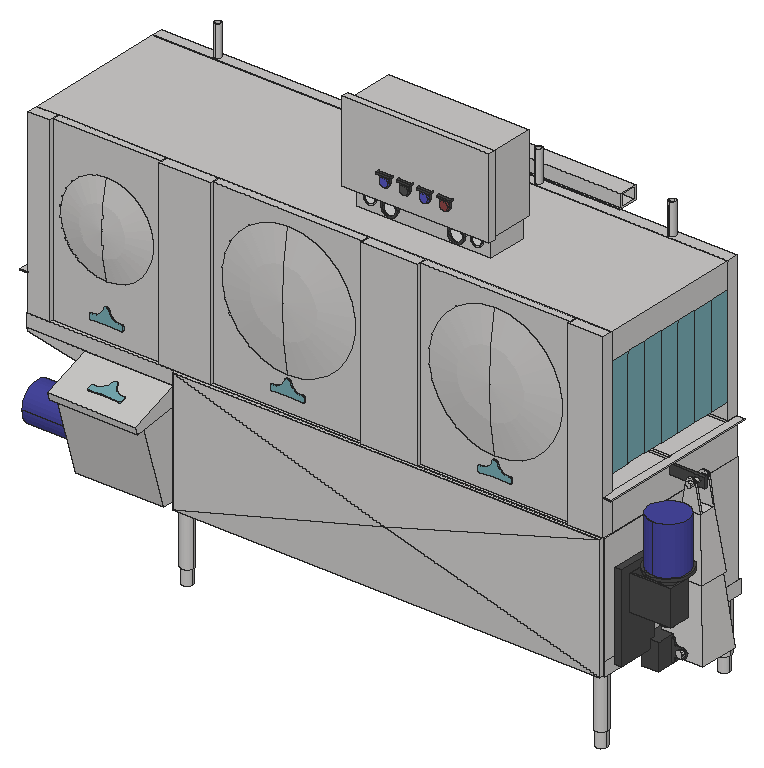
Revit family
Parameters (values of type "208/60/3")
  Width = 7' - 2"  # constant formula
  Weight in Pounds = 1700
  Watts = 25000 W
  Watermarked By = "http://revitwatermark.com"
  Waste Water Discharge Temperature [instance] = -459.67 °F
  Volts = 208 V
  Ventilation Remarks [instance] = ""
  URL Cutsheet = ""
  URL = "www.stero.com"
  Total Height = 5' - 10 1/2"
  Table Height = 2' - 10"
  Swing Doors [instance] = no
  Status [instance] = ""
  Standard Doors [instance] = not(Swing Doors)  # yes
  Specification by User [instance] = ""
  Specification by Manufacturer = ""
  Serial Number [instance] = ""
  Seismic Rating [instance] = ""
  SMACNA No [instance] = ""
  Right Ventilation Remarks [instance] = ""
  Right Vent [instance] = no
  Right Exhaust Volume [instance] = if(Right Vent, 400 CFM, 0 CFM)  # 0 CFM
  Right Exhaust Vent Width = 0' - 3 7/8"
  Right Exhaust Vent Text = "Vent, Unload End"
  Right Exhaust Vent Depth = 2' - 0 7/8"
  Right Exhaust Static Press = 0.00 in-wg
  Right Exhaust RI Height [instance] = 0' - 0"
  Right Exhaust Item Number [instance] = "-"
  Right Drain [instance] = no
  Revision Code [instance] = ""
  Plumbing Remarks [instance] = ""
  Plumbing Connection Type [instance] = ""
  Phase = 3
  Number of Poles [instance] = 1
  NAFEM Spec ID Number [instance] = ""
  Model = "ER-86S"
  Masterspec = ""
  Manufacturer = "Stero"
  Machine Height = 4' - 7 1/2"
  Left Vent [instance] = no
  Left Drain [instance] = not(Right Drain)  # yes
  Item Number [instance] = "-"
  Installed By [instance] = ""
  Indirect Waste Size = 2"
  Indirect Waste Flow [instance] = 0.00 GPM
  Indirect Waste Connection Type [instance] = ""
  Indirect Waste Connection Height = 0' - 6"
  Hot Water Usage Rack = "- Gal/Rack"
  Hot Water Usage = "120.6 GPH"
  Hot Water Temperature = 180 °F
  Hot Water Size = 3/4"
  Hot Water RI Height [instance] = 0' - 0"
  Hot Water Minimum Pressure = 20.00 psi
  Hot Water Maximum Pressure = 20.00 psi
  Hot Water Flow = 2.01 GPM
  Hot Water Consumption = 2.01 GPM
  Hot Water Connection Height = 5' - 0"
  HP = "5.25"
  Furnished By [instance] = ""
  Foodservice Equipment Identifier [instance] = yes
  FL Amps = 87.4 A
  Exhaust Volume [instance] = if(Left Vent, 200 CFM, 0 CFM)  # 0 CFM
  Exhaust Vent Width = 0' - 3 7/8"
  Exhaust Vent Text = "Vent, Load End"
  Exhaust Vent Depth = 2' - 0 7/8"
  Exhaust Static Press = 0.00 in-wg
  Exhaust RI Height [instance] = 0' - 0"
  Electrical Remarks [instance] = ""
  Electric Connection Type [instance] = ""
  Elec Conn RI Height [instance] = 0' - 0"
  Elec Conn Connection Height = 5' - 8 1/2"
  Description = "Dishwasher, Conveyor"
  Depth = 2' - 1"
  Cycle = 60 Hz
  Conn Conduit = yes
  Cold Water Temperature Recommended [instance] = -459.67 °F
  Cold Water Size = 3/4"
  Cold Water RI Height [instance] = 0' - 0"
  Cold Water Minimum Pressure [instance] = 0.00 psi
  Cold Water Maximum Pressure [instance] = 0.00 psi
  Cold Water Flow [instance] = 0.00 GPM
  Cold Water Consumption [instance] = ""
  Cold Water Connection Height = 5' - 0"
  CSI MasterFormat = "11 48 13"
  Building Plumbing Remarks [instance] = ""
  Building Hot Water Temperature = 140 °F
  Building Hot Water Size = 3/4"
  Building Hot Water RI Height [instance] = 0' - 0"
  Building Hot Water Minimum Pressure [instance] = 20.00 psi
  Building Hot Water Maximum Pressure [instance] = 20.00 psi
  Building Hot Water Flow [instance] = 0.00 GPM
  Building Hot Water Consumption [instance] = 2.00 GPM
  Building Hot Water Connection Height = 5' - 0"
  Building HW Item Number [instance] = "-"
  Assembly Code = "E1090320"
  Apparent Power = if(Phase = 3, Volts * FL Amps * 1.73, Volts * FL Amps)  # 31450 VA
  24 Door Opening [instance] = if(Swing Doors, 2' 0", 1' 10 1/2")  # 1' - 10 1/2"
  18 Door Opening [instance] = if(Swing Doors, 1' 6", 1' 4 1/4")  # 1' - 4 1/4"
Reference planes (in)
  plane 1: z = 0
  plane 2 "Left of Main Body": x = 2.32772
  plane 3 "BACK": y = -48
  plane 4 "TOP": z = 70.5
  plane 5 "RIGHT": x = 66.32772
  plane 6 "FRONT": y = -73
  plane 7 "Right of Top": x = 66.07772
  plane 8 "Right of Ledge": x = 67.57772
  plane 9 "Right End Cowl": x = 76.32772
  plane 10: x = 69.39022
  plane 11 "Bottom of Machine": z = 10
  plane 12 "Table Height": z = 34
  plane 13 "Top of Machine": z = 55.5
  plane 14 "Panel Top": z = 28.5
  plane 15: z = 12
  plane 16: y = -73.5
  plane 17: y = -47.5
  plane 18: x = 2.07772
  plane 19: x = 66.57772
  plane 20: y = -49.625
  plane 21: y = -71.375
  plane 22 "Door Center": x = 34.32772
  plane 23: x = 7.57772
  plane 24: x = 30.07772
  plane 25 "Top of Opening": z = 51.5
  plane 26: z = 2.25
  plane 27: x = 24.32772
  plane 28: x = 44.32772
  plane 29: x = 23.32772
  plane 30: x = 45.32772
  plane 31 "Front of Lower Panel": y = -66.5
  plane 32: y = -60.5
  plane 33: y = -67
  plane 34 "Back of Panel": y = -60
  plane 35 "Front of Upper Panel": y = -68
  plane 36: x = 23.82772
  plane 37: x = 44.82772
  plane 38: x = 76.20272
  plane 39: x = 73.26522
  plane 40: y = -48.0625
  plane 41: y = -72.9375
  plane 42 "Top of Vents": z = 59.5
  plane 43: x = 19.82772
  plane 44: x = 48.82772
  plane 45: y = -45
  plane 46: z = 57.5
  plane 47: y = -43
  plane 48: z = 84.5
  plane 49: x = 38.57772
  plane 50: x = 61.07772
  plane 51: x = -29.67228
  plane 52: x = -22.73478
  plane 53: x = -29.54728
  plane 54: x = -26.60978
  plane 55 "LEFT": x = -19.67228
  plane 56: x = -19.42228
  plane 57: x = -20.92228
  plane 58: x = -19.92228
  plane 59: x = -0.20185
  plane 60: x = -16.45185
  plane 61: x = -16.20185
  plane 62: x = -0.32685
  plane 63: x = -1.63935
  plane 64: x = 7.82772
  plane 65: x = 29.95272
  plane 66: x = 28.64022
  plane 67: x = 38.70272
  plane 68: x = 40.01522
  plane 69: x = 60.82772
Forms (in)
  Extrusion 1, solid, material "QF_Finishes_Stainless Steel"
    sketch origin (0, 0, 10) x (0, 1, 0) y (-1, 0, 0)
      loop
        line (-47.5, -2.07772) -> (-73, -2.07772) -> (-73, -66.57772) -> (-47.5, -66.57772) -> (-47.5, -2.07772)
    from 0 to 2
  Extrusion 2, solid, material "QF_Finishes_Stainless Steel"
    sketch origin (0, 0, 28.5) x (0, 1, 0) y (-1, 0, 0)
      loop
        line (-48, -2.32772) -> (-73, -2.32772) -> (-73, -66.57772) -> (-48, -66.57772) -> (-48, -2.32772)
    from 0 to -16.5
  Extrusion 3, solid, material "QF_Finishes_Stainless Steel"
    sketch origin (-22, 0, 34) x (0, 1, 0) y (-1, 0, 0)
      loop
        line (-48, -2.32772) -> (-48, -1.07772) -> (-73, -1.07772) -> (-73, -2.32772) -> (-48, -2.32772)
    from 0 to -0.125
  Extrusion 4, solid, material "QF_Finishes_Stainless Steel"
    sketch origin (0, 0, 34) x (0, 1, 0) y (-1, 0, 0)
      loop
        line (-48, -66.32772) -> (-73, -66.32772) -> (-73, -67.57772) -> (-48, -67.57772) -> (-48, -66.32772)
    from 0 to -0.125
  Extrusion 5, solid, material "QF_Finishes_Stainless Steel"
    sketch origin (0, 0, 34) x (0, 1, 0) y (-1, 0, 0)
      loop
        line (-48, 19.67228) -> (-71.375, 19.67228) -> (-71.375, -66.32772) -> (-48, -66.32772) -> (-48, 19.67228)
    from -0.25 to -5.5
  Extrusion 6, solid, material "QF_Finishes_Stainless Steel"
    sketch origin (0, 0, 34) x (0, 1, 0) y (-1, 0, 0)
      loop
        line (-60.25, 19.67228) -> (-60.75, 19.67228) -> (-60.75, -66.32772) -> (-60.25, -66.32772) -> (-60.25, 19.67228)
      loop
        line (-48, 19.67228) -> (-49.625, 19.67228) -> (-49.625, -66.32772) -> (-48, -66.32772) -> (-48, 19.67228)
    from 0 to -0.25
  Extrusion 7, solid, material "QF_Finishes_Stainless Steel"
    sketch origin (0, 0, 55.5) x (0, 1, 0) y (-1, 0, 0)
      loop
        line (-49.625, 19.67228) -> (-71.375, 19.67228) -> (-71.375, -66.32772) -> (-49.625, -66.32772) -> (-49.625, 19.67228)
    from 0 to -4
  Extrusion 8, solid, material "QF_Finishes_Stainless Steel"
    sketch origin (0, 0, 55.5) x (0, 1, 0) y (-1, 0, 0)
      loop
        line (-48, 19.67228) -> (-49.625, 19.67228) -> (-49.625, -66.32772) -> (-48, -66.32772) -> (-48, 19.67228)
    from 0 to -21.5
  Extrusion 9, solid, material "QF_Finishes_Stainless Steel"
    sketch origin (0, -73, 0) x (-1, 0, 0) y (0, 0, 1)
      loop
        line (0.20185, 55.5) -> (-7.57772, 55.5) -> (-7.57772, 28.5) -> (0.20185, 28.5) -> (0.20185, 55.5)
    from 0 to 1.625
  Blend 10, solid, material "QF_Finishes_Stainless Steel"
    base sketch origin (-15.01335, -74, 48) x (-1, 0, 0) y (0, 0, 1)
      loop
        line (-17.34107, -19.5) -> (-81.34107, -19.5) -> (-81.34107, -38) -> (-17.34107, -38) -> (-17.34107, -19.5)
    top sketch origin (-15.01335, -74, 48) x (-1, 0, 0) y (0, 0, 1)
      loop
        line (-49.37232, -28.71875) -> (-49.37232, -28.78125) -> (-49.30982, -28.78125) -> (-49.30982, -28.71875) -> (-49.37232, -28.71875)
    from 0.5 to 0
  Extrusion 11, solid, material "QF_Finishes_Stainless Steel"
    sketch origin (0, 0, 10) x (0, 1, 0) y (-1, 0, 0)
      loop
        line (-73, -2.32772) -> (-73.5, -2.32772) -> (-73.5, -66.32772) -> (-73, -66.32772) -> (-73, -2.32772)
    from 0 to 18.5
  Extrusion 12, solid, material "QF_Finishes_Stainless Steel"
    sketch origin (0, -73, 0) x (-1, 0, 0) y (0, 0, 1)
      loop
        line (-61.07772, 55.5) -> (-66.32772, 55.5) -> (-66.32772, 28.5) -> (-61.07772, 28.5) -> (-61.07772, 55.5)
    from 0 to 1.625
  Extrusion 13, solid, material "QF_Finishes_Stainless Steel", visible <- "Standard Doors"
    sketch origin (-15.5, 0, 55.5) x (0, 1, 0) y (-1, 0, 0)
      loop
        line (-71.375, -23.07772) -> (-72.5, -23.07772) -> (-72.5, -45.57772) -> (-71.375, -45.57772) -> (-71.375, -23.07772)
    from 0 to -27
  Extrusion 14, solid, material "QF_Finishes_Stainless Steel"
    sketch origin (0, 0, 0) x (1, 0, 0) y (0, 1, 0)
      loop
        circle (3.32772, -49) r 0.8125
    from 0 to 2.25
  Extrusion 15, solid, material "QF_Finishes_Stainless Steel"
    sketch origin (0, 0, 0) x (1, 0, 0) y (0, 1, 0)
      loop
        circle (3.32772, -49) r 0.9375
    from 2.25 to 10
  Extrusion 16, solid, material "QF_Finishes_Stainless Steel"
    sketch origin (48.65544, 0, 0) x (-1, 0, 0) y (0, -1, 0)
      loop
        circle (-16.67228, 49) r 0.8125
    from 0 to 2.25
  Extrusion 17, solid, material "QF_Finishes_Stainless Steel"
    sketch origin (48.65544, 0, 0) x (-1, 0, 0) y (0, -1, 0)
      loop
        circle (-16.67228, 49) r 0.9375
    from 2.25 to 10
  Extrusion 18, solid, material "QF_Finishes_Stainless Steel"
    sketch origin (0, -121, 0) x (1, 0, 0) y (0, 1, 0)
      loop
        circle (3.32772, 49) r 0.8125
    from 0 to 2.25
  Extrusion 19, solid, material "QF_Finishes_Stainless Steel"
    sketch origin (0, -121, 0) x (1, 0, 0) y (0, 1, 0)
      loop
        circle (3.32772, 49) r 0.9375
    from 2.25 to 10
  Extrusion 20, solid, material "QF_Finishes_Stainless Steel"
    sketch origin (48.65544, -121, 0) x (-1, 0, 0) y (0, -1, 0)
      loop
        circle (-16.67228, -49) r 0.8125
    from 0 to 2.25
  Extrusion 21, solid, material "QF_Finishes_Stainless Steel"
    sketch origin (48.65544, -121, 0) x (-1, 0, 0) y (0, -1, 0)
      loop
        circle (-16.67228, -49) r 0.9375
    from 2.25 to 10
  Extrusion 22, solid, material "QF_Finishes_Light Blue"
    sketch origin (0, 0, 51.5) x (0, 1, 0) y (-1, 0, 0)
      loop
        line (-49.625, -66.32772) -> (-49.625, -66.20272) -> (-52.625, -66.20272) -> (-52.625, -66.32772) -> (-49.625, -66.32772)
      loop
        line (-52.75, -66.32772) -> (-52.75, -66.20272) -> (-55.75, -66.20272) -> (-55.75, -66.32772) -> (-52.75, -66.32772)
      loop
        line (-55.875, -66.32772) -> (-55.875, -66.20272) -> (-58.875, -66.20272) -> (-58.875, -66.32772) -> (-55.875, -66.32772)
      loop
        line (-59, -66.32772) -> (-59, -66.20272) -> (-62, -66.20272) -> (-62, -66.32772) -> (-59, -66.32772)
      loop
        line (-62.125, -66.32772) -> (-62.125, -66.20272) -> (-65.125, -66.20272) -> (-65.125, -66.32772) -> (-62.125, -66.32772)
      loop
        line (-65.25, -66.32772) -> (-65.25, -66.20272) -> (-68.25, -66.20272) -> (-68.25, -66.32772) -> (-65.25, -66.32772)
      loop
        line (-68.375, -66.32772) -> (-68.375, -66.20272) -> (-71.375, -66.20272) -> (-71.375, -66.32772) -> (-68.375, -66.32772)
    from 0 to -15
  Extrusion 23, solid, material "QF_Finishes_Light Blue"
    sketch origin (26.65544, 0, 51.5) x (0, 1, 0) y (-1, 0, 0)
      loop
        line (-49.625, 46.32772) -> (-52.625, 46.32772) -> (-52.625, 46.20272) -> (-49.625, 46.20272) -> (-49.625, 46.32772)
      loop
        line (-52.75, 46.32772) -> (-55.75, 46.32772) -> (-55.75, 46.20272) -> (-52.75, 46.20272) -> (-52.75, 46.32772)
      loop
        line (-55.875, 46.32772) -> (-58.875, 46.32772) -> (-58.875, 46.20272) -> (-55.875, 46.20272) -> (-55.875, 46.32772)
      loop
        line (-59, 46.32772) -> (-62, 46.32772) -> (-62, 46.20272) -> (-59, 46.20272) -> (-59, 46.32772)
      loop
        line (-62.125, 46.32772) -> (-65.125, 46.32772) -> (-65.125, 46.20272) -> (-62.125, 46.20272) -> (-62.125, 46.32772)
      loop
        line (-65.25, 46.32772) -> (-68.25, 46.32772) -> (-68.25, 46.20272) -> (-65.25, 46.20272) -> (-65.25, 46.32772)
      loop
        line (-68.375, 46.32772) -> (-71.375, 46.32772) -> (-71.375, 46.20272) -> (-68.375, 46.20272) -> (-68.375, 46.32772)
    from 0 to -15
  Extrusion 24, solid, material "QF_Finishes_Stainless Steel"
    sketch origin (0, 0, 55.5) x (0, 1, 0) y (-1, 0, 0)
      loop
        line (-60.5, -24.32772) -> (-66.5, -24.32772) -> (-66.5, -44.32772) -> (-60.5, -44.32772) -> (-60.5, -24.32772)
    from 0 to 3.5
  Extrusion 25, solid, material "QF_Finishes_Stainless Steel"
    sketch origin (0, 0, 55.5) x (0, 1, 0) y (-1, 0, 0)
      loop
        line (-60, -23.82772) -> (-67, -23.82772) -> (-67, -44.82772) -> (-60, -44.82772) -> (-60, -23.82772)
    from 3 to 14.5
  Extrusion 26, solid, material "QF_Finishes_Stainless Steel"
    sketch origin (0, 0, 55.5) x (0, 1, 0) y (-1, 0, 0)
      loop
        line (-67, -23.32772) -> (-68, -23.32772) -> (-68, -45.32772) -> (-67, -45.32772) -> (-67, -23.32772)
    from 3 to 15
  Extrusion 27, solid, material "QF_Finishes_Black"
    sketch origin (0, -66.5, 0) x (-1, 0, 0) y (0, 0, 1)
      loop
        circle (-29.32772, 57) r 1.25
      loop
        circle (-29.32772, 57) r 1
    from 0 to -0.25
  Extrusion 28, solid, material "QF_Finishes_Stainless Steel"
    sketch origin (0, -66.5, 0) x (-1, 0, 0) y (0, 0, 1)
      loop
        circle (-26.32772, 57.25) r 0.75
      loop
        circle (-26.32772, 57.25) r 0.875
    from 0 to -0.125
  Extrusion 29, solid, material "QF_Finishes_White"
    sketch origin (0, -66.5, 0) x (-1, 0, 0) y (0, 0, 1)
      loop
        circle (-26.32772, 57.25) r 0.75
    from 0 to -0.0625
  Extrusion 30, solid, material "QF_Finishes_White"
    sketch origin (0, -66.5, 0) x (-1, 0, 0) y (0, 0, 1)
      loop
        circle (-29.32772, 57) r 1
    from 0 to -0.0625
  Extrusion 31, solid, material "QF_Finishes_Black"
    sketch origin (48.65544, -66.5, 0) x (1, 0, 0) y (0, 0, -1)
      loop
        circle (-9.32772, -57) r 1.25
      loop
        circle (-9.32772, -57) r 1
    from 0 to -0.25
  Extrusion 32, solid, material "QF_Finishes_Stainless Steel"
    sketch origin (48.65544, -66.5, 0) x (1, 0, 0) y (0, 0, -1)
      loop
        circle (-6.32772, -57.25) r 0.75
      loop
        circle (-6.32772, -57.25) r 0.875
    from 0 to -0.125
  Extrusion 33, solid, material "QF_Finishes_White"
    sketch origin (48.65544, -66.5, 0) x (1, 0, 0) y (0, 0, -1)
      loop
        circle (-6.32772, -57.25) r 0.75
    from 0 to -0.0625
  Extrusion 34, solid, material "QF_Finishes_White"
    sketch origin (48.65544, -66.5, 0) x (1, 0, 0) y (0, 0, -1)
      loop
        circle (-9.32772, -57) r 1
    from 0 to -0.0625
  Extrusion 35, solid, material "QF_Finishes_Black"
    sketch origin (0, -68, 0) x (-1, 0, 0) y (0, 0, 1)
      loop
        line (-33.82772, 62.5) -> (-33.82772, 62.25) -> (-31.82772, 62.25) -> (-31.82772, 62.5) -> (-33.82772, 62.5)
      loop
        line (-30.82772, 62.5) -> (-30.82772, 62.25) -> (-28.82772, 62.25) -> (-28.82772, 62.5) -> (-30.82772, 62.5)
      loop
        line (-34.82772, 62.5) -> (-36.82772, 62.5) -> (-36.82772, 62.25) -> (-34.82772, 62.25) -> (-34.82772, 62.5)
      loop
        line (-37.82772, 62.5) -> (-39.82772, 62.5) -> (-39.82772, 62.25) -> (-37.82772, 62.25) -> (-37.82772, 62.5)
    from 0 to -0.5
  Extrusion 36, solid, material "QF_Finishes_Navy Blue"
    sketch origin (0, -68, 0) x (-1, 0, 0) y (0, 0, 1)
      loop
        circle (-29.82772, 61.375) r 0.625
    from -0.125 to -0.375
  Extrusion 37, solid, material "QF_Finishes_LED Green"
    sketch origin (3, -68, 0) x (-1, 0, 0) y (0, 0, 1)
      loop
        circle (-29.82772, 61.375) r 0.625
    from -0.125 to -0.375
  Extrusion 38, solid, material "QF_Finishes_Navy Blue"
    sketch origin (6, -68, 0) x (-1, 0, 0) y (0, 0, 1)
      loop
        circle (-29.82772, 61.375) r 0.625
    from -0.125 to -0.375
  Extrusion 39, solid, material "QF_Finishes_LED Red"
    sketch origin (9, -68, 0) x (-1, 0, 0) y (0, 0, 1)
      loop
        circle (-29.82772, 61.375) r 0.625
    from -0.125 to -0.375
  Extrusion 40, solid, material "QF_Finishes_Black"
    sketch origin (0, -68, 0) x (-1, 0, 0) y (0, 0, 1)
      loop
        arc (-30.57772, 61.375) -> (-29.82772, 60.625) -> (-29.07772, 61.375) r 0.75
        line (-29.07772, 61.375) -> (-29.07772, 62.25) -> (-30.57772, 62.25) -> (-30.57772, 61.375)
      loop
        arc (-33.57772, 61.375) -> (-32.82772, 60.625) -> (-32.07772, 61.375) r 0.75
        line (-32.07772, 61.375) -> (-32.07772, 62.25) -> (-33.57772, 62.25) -> (-33.57772, 61.375)
      loop
        arc (-36.57772, 61.375) -> (-35.82772, 60.625) -> (-35.07772, 61.375) r 0.75
        line (-35.07772, 61.375) -> (-35.07772, 62.25) -> (-36.57772, 62.25) -> (-36.57772, 61.375)
      loop
        arc (-39.57772, 61.375) -> (-38.82772, 60.625) -> (-38.07772, 61.375) r 0.75
        line (-38.07772, 61.375) -> (-38.07772, 62.25) -> (-39.57772, 62.25) -> (-39.57772, 61.375)
    from 0 to -0.125
  Extrusion 41, solid, material "QF_Finishes_Light Blue", visible <- "Standard Doors"
    sketch origin (-15.5, -73, 0) x (-1, 0, 0) y (0, 0, 1)
      loop
        line (-33.71645, 30.65632) -> (-32.08461, 30.57309)
        arc (-32.08461, 30.57309) -> (-31.90443, 30.64773) -> (-31.82979, 30.82792) r 0.25483
        line (-31.82979, 30.82792) -> (-31.82979, 31.31285)
        arc (-31.82979, 31.31285) -> (-31.90343, 31.49062) -> (-32.08121, 31.56426) r 0.25142
        arc (-32.08121, 31.56426) -> (-33.22593, 31.7803) -> (-33.90311, 32.72819) r 1.56264
        arc (-33.90311, 32.72819) -> (-34.31726, 33.06213) -> (-34.74741, 32.74907) r 0.43733
        arc (-34.74741, 32.74907) -> (-35.42049, 31.78611) -> (-36.57423, 31.56426) r 1.56264
        arc (-36.57423, 31.56426) -> (-36.75201, 31.49062) -> (-36.82565, 31.31285) r 0.25142
        line (-36.82565, 31.31285) -> (-36.82565, 30.82792)
        arc (-36.82565, 30.82792) -> (-36.75101, 30.64773) -> (-36.57082, 30.57309) r 0.25483
        line (-36.57082, 30.57309) -> (-34.93898, 30.65632)
        arc (-34.93898, 30.65632) -> (-34.32772, 30.6719) -> (-33.71645, 30.65632) r 12
    from 0.5 to 0.4375
  Extrusion 42, solid, material "QF_Finishes_Stainless Steel", visible <- "Right Vent"
    sketch origin (66.07772, 0, 0) x (0, -1, 0) y (0, 0, 1)
      loop
        line (73, 55.5) -> (48, 55.5) -> (48, 50.5625) -> (49.625, 48.9375) -> (49.625, 49.11428) -> (48.125, 50.61428) -> (48.125, 55.375) -> (72.875, 55.375) -> (72.875, 39.17678) -> (71.375, 37.67678) -> (71.375, 37.5) -> (73, 39.125) -> (73, 55.5)
    from -0.25 to -10.125
  Extrusion 43, solid, material "QF_Finishes_Stainless Steel", visible <- "Right Vent"
    sketch origin (76.32772, 0, 0) x (0, 1, 0) y (0, 0, 1)
      loop
        line (-71.375, 37.5) -> (-71.375, 51.5) -> (-49.625, 51.5) -> (-49.625, 48.9375) -> (-48, 50.5625) -> (-48, 55.5) -> (-73, 55.5) -> (-73, 39.125) -> (-71.375, 37.5)
    from 0 to -0.125
  Extrusion 44, solid, material "QF_Finishes_Stainless Steel", visible <- "Right Vent"
    sketch origin (48.65544, 0, 55.5) x (0, 1, 0) y (-1, 0, 0)
      loop
        line (-48.0625, -24.60978) -> (-48.0625, -20.73478) -> (-72.9375, -20.73478) -> (-72.9375, -24.60978) -> (-48.0625, -24.60978)
      loop
        line (-48.1875, -24.48478) -> (-48.1875, -20.85978) -> (-72.8125, -20.85978) -> (-72.8125, -24.48478) -> (-48.1875, -24.48478)
    from 0 to 4
  Extrusion 45, void
    sketch origin (0, 0, 55.5) x (0, 1, 0) y (-1, 0, 0)
      loop
        line (-48.1875, -69.51522) -> (-72.8125, -69.51522) -> (-72.8125, -73.14022) -> (-48.1875, -73.14022) -> (-48.1875, -69.51522)
    from 0 to -0.125
  Extrusion 46, solid, material "QF_Finishes_Black"
    sketch origin (0, -73, 0) x (-1, 0, 0) y (0, 0, 1)
      loop
        line (-66.57772, 12) -> (-66.32772, 12) -> (-66.32772, 23.9375) -> (-67.70272, 23.9375) -> (-67.70272, 10.9375) -> (-66.57772, 10.9375) -> (-66.57772, 12)
    from 1.8125 to 7.8125
  Extrusion 47, solid, material "QF_Finishes_Black"
    sketch origin (0, 0, 10) x (0, 1, 0) y (-1, 0, 0)
      loop
        circle (-68.1875, -72.32772) r 1.0625
    from 7.1875 to 7.6875
  Extrusion 48, solid, material "QF_Finishes_Black"
    sketch origin (0, 0, 10) x (0, 1, 0) y (-1, 0, 0)
      loop
        circle (-68.1875, -72.32772) r 1.3125
    from 12.9375 to 13.4375
  Blend 49, solid, material "QF_Finishes_Black"
    base sketch origin (0, 0, 10) x (0, 1, 0) y (-1, 0, 0)
      loop
        circle (-68.1875, -72.32772) r 1.3125
    top sketch origin (0, 0, 10) x (0, 1, 0) y (-1, 0, 0)
      loop
        circle (-68.1875, -72.32772) r 2.0625
    from 13.4375 to 14.4375
  Extrusion 50, solid, material "QF_Finishes_Black"
    sketch origin (0, 0, 10) x (0, 1, 0) y (-1, 0, 0)
      loop
        circle (-68.1875, -72.32772) r 3.25
    from 14.4375 to 14.8125
  Extrusion 51, solid, material "QF_Finishes_Blue"
    sketch origin (0, 0, 10) x (0, 1, 0) y (-1, 0, 0)
      loop
        circle (-68.1875, -72.32772) r 2.875
    from 14.8125 to 21.9375
  Extrusion 52, solid, material "QF_Finishes_Black"
    sketch origin (0, -73, 0) x (-1, 0, 0) y (0, 0, 1)
      loop
        line (-66.32772, 33.1875) -> (-71.82772, 33.1875) -> (-71.82772, 31.6875) -> (-66.32772, 31.6875) -> (-66.32772, 33.1875)
      loop
        circle (-70.57772, 32.4375) r 0.375
    from 12.3125 to 12.6875
  Extrusion 53, solid, material "QF_Finishes_Black"
    sketch origin (0, -73, 0) x (-1, 0, 0) y (0, 0, 1)
      loop
        line (-66.32772, 12) -> (-66.32772, 12.4375) -> (-69.07772, 12.4375) -> (-69.07772, 8.4375) -> (-66.57772, 8.4375) -> (-66.57772, 12) -> (-66.32772, 12)
    from 7 to 18
  Extrusion 54, solid, material "QF_Finishes_Black"
    sketch origin (0, -73, 0) x (-1, 0, 0) y (0, 0, 1)
      loop
        line (-69.07772, 12.125) -> (-69.32772, 12.125)
        arc (-69.32772, 12.125) -> (-69.5045, 12.05178) -> (-69.57772, 11.875) r 0.25
        line (-69.57772, 11.875) -> (-69.57772, 11.5625)
        arc (-69.57772, 11.5625) -> (-69.68755, 11.29733) -> (-69.95272, 11.1875) r 0.375
        line (-69.95272, 11.1875) -> (-70.57772, 11.1875)
        arc (-70.57772, 11.1875) -> (-71.32772, 10.4375) -> (-70.57772, 9.6875) r 0.75
        line (-70.57772, 9.6875) -> (-69.95272, 9.6875)
        arc (-69.95272, 9.6875) -> (-69.68755, 9.57767) -> (-69.57772, 9.3125) r 0.375
        line (-69.57772, 9.3125) -> (-69.57772, 9)
        arc (-69.57772, 9) -> (-69.5045, 8.82322) -> (-69.32772, 8.75) r 0.25
        line (-69.32772, 8.75) -> (-69.07772, 8.75) -> (-69.07772, 12.125)
      loop
        circle (-70.57772, 10.4375) r 0.5
    from 9.375 to 9.5
  Extrusion 55, solid, material "QF_Finishes_Black"
    sketch origin (0, -66.875, 0) x (-1, 0, 0) y (0, 0, 1)
      loop
        line (-69.07772, 12.125) -> (-69.32772, 12.125)
        arc (-69.32772, 12.125) -> (-69.5045, 12.05178) -> (-69.57772, 11.875) r 0.25
        line (-69.57772, 11.875) -> (-69.57772, 11.5625)
        arc (-69.57772, 11.5625) -> (-69.68755, 11.29733) -> (-69.95272, 11.1875) r 0.375
        line (-69.95272, 11.1875) -> (-70.57772, 11.1875)
        arc (-70.57772, 11.1875) -> (-71.32772, 10.4375) -> (-70.57772, 9.6875) r 0.75
        line (-70.57772, 9.6875) -> (-69.95272, 9.6875)
        arc (-69.95272, 9.6875) -> (-69.68755, 9.57767) -> (-69.57772, 9.3125) r 0.375
        line (-69.57772, 9.3125) -> (-69.57772, 9)
        arc (-69.57772, 9) -> (-69.5045, 8.82322) -> (-69.32772, 8.75) r 0.25
        line (-69.32772, 8.75) -> (-69.07772, 8.75) -> (-69.07772, 12.125)
      loop
        circle (-70.57772, 10.4375) r 0.5
    from 9.375 to 9.5
  Extrusion 56, solid, material "QF_Finishes_Stainless Steel"
    sketch origin (0, -73, 0) x (-1, 0, 0) y (0, 0, 1)
      loop
        circle (-70.57772, 32.4375) r 0.375
      loop
        line (-71.31584, 32.57045) -> (-72.01522, 28.6875) -> (-69.14022, 28.6875) -> (-69.8396, 32.57045)
        arc (-69.8396, 32.57045) -> (-70.57772, 33.1875) -> (-71.31584, 32.57045) r 0.75
    from 11.25 to 11.375
  Extrusion 57, solid, material "QF_Finishes_Stainless Steel"
    sketch origin (0, -48, 0) x (-1, 0, 0) y (0, 0, -1)
      loop
        circle (-70.57772, -32.4375) r 0.375
      loop
        arc (-71.31584, -32.57045) -> (-70.57772, -33.1875) -> (-69.8396, -32.57045) r 0.75
        line (-69.8396, -32.57045) -> (-69.14022, -28.6875) -> (-72.01522, -28.6875) -> (-71.31584, -32.57045)
    from 11.25 to 11.375
  Extrusion 58, solid, material "QF_Finishes_Stainless Steel"
    sketch origin (0, -73, 0) x (-1, 0, 0) y (0, 0, 1)
      loop
        circle (-70.57772, 32.4375) r 0.375
    from 10.75 to 14.25
  Blend 59, solid, material "QF_Finishes_Stainless Steel"
    base sketch origin (0, 0, 34) x (0, 1, 0) y (-1, 0, 0)
      loop
        line (-58.25, -67.89022) -> (-62.75, -67.89022) -> (-62.75, -73.01522) -> (-58.25, -73.01522) -> (-58.25, -67.89022)
    top sketch origin (0, 0, 34) x (0, 1, 0) y (-1, 0, 0)
      loop
        line (-59.25, -69.14022) -> (-61.75, -69.14022) -> (-61.75, -72.01522) -> (-59.25, -72.01522) -> (-59.25, -69.14022)
    from -14.0625 to -5.3125
  Blend 60, solid, material "QF_Finishes_Stainless Steel"
    base sketch origin (0, 0, 25.25) x (0, 1, 0) y (-1, 0, 0)
      loop
        line (-57.5, -67.14022) -> (-63.5, -67.14022) -> (-63.5, -73.76522) -> (-57.5, -73.76522) -> (-57.5, -67.14022)
    top sketch origin (0, 0, 25.25) x (0, 1, 0) y (-1, 0, 0)
      loop
        line (-58.5, -68.14022) -> (-62.5, -68.14022) -> (-62.5, -72.76522) -> (-58.5, -72.76522) -> (-58.5, -68.14022)
    from -15.5625 to -5.3125
  Extrusion 61, solid, material "QF_Finishes_Stainless Steel"
    sketch origin (0, -73, -22) x (-1, 0, 0) y (0, 0, 1)
      loop
        circle (-70.57772, 32.4375) r 0.5
    from 9 to 16
  Extrusion 62, solid, material "QF_Finishes_Stainless Steel"
    sketch origin (0, 0, 55.5) x (0, 1, 0) y (-1, 0, 0)
      loop
        circle (-48.75, -57.32772) r 0.375
      loop
        circle (-48.75, -57.32772) r 0.5
    from 0 to 4.5
  Extrusion 63, solid, material "QF_Finishes_Stainless Steel"
    sketch origin (2.32772, 0, 0) x (0, 1, 0) y (0, 0, 1)
      loop
        line (-45, 57.5) -> (-47.75, 57.5) -> (-47.75, 55.5) -> (-45, 55.5) -> (-45, 57.5)
      loop
        line (-45.125, 57.375) -> (-47.625, 57.375) -> (-47.625, 55.625) -> (-45.125, 55.625) -> (-45.125, 57.375)
    from 17.5 to 46.5
  Extrusion 64, solid, material "QF_Finishes_Stainless Steel"
    sketch origin (2.32772, 0, 0) x (0, 1, 0) y (0, 0, 1)
      loop
        line (-47.75, 55.5) -> (-47.75, 55.625) -> (-48, 55.625) -> (-48, 55.5) -> (-47.75, 55.5)
    from 17.5 to 46.5
  Extrusion 65, solid, material "QF_Finishes_Stainless Steel"
    sketch origin (0, -60, 0) x (-1, 0, 0) y (0, 0, 1)
      loop
        circle (-44.32772, 68.5) r 0.25
    from 0 to 0.0625
  Extrusion 66, solid, material "QF_Finishes_Stainless Steel"
    sketch origin (0, -1, 10) x (0, 1, 0) y (-1, 0, 0)
      loop
        circle (-50, -49.82772) r 1
      loop
        circle (-50, -49.82772) r 1.125
    from 0 to -4
  Extrusion 67, solid, material "QF_Finishes_Clearance", detail levels coarse
    sketch origin (0, 0, 0) x (1, 0, 0) y (0, 1, 0)
      loop
        line (-20.92228, -47.5) -> (19.82772, -47.5) -> (19.82772, -45) -> (48.82772, -45) -> (48.82772, -47.5) -> (67.57772, -47.5) -> (67.57772, -43) -> (-20.92228, -43) -> (-20.92228, -47.5)
    from 0 to 70.5
  Extrusion 68, solid, material "QF_Finishes_Clearance", visible <- "Standard Doors", detail levels coarse
    sketch origin (-15.5, -73, 0) x (-1, 0, 0) y (0, 0, 1)
      loop
        line (-23.07772, 84.5) -> (-45.57772, 84.5) -> (-45.57772, 55.5) -> (-23.07772, 55.5) -> (-23.07772, 84.5)
    from 0 to 1.625
  Extrusion 69, solid, material "QF_Finishes_Clearance", visible <- "Right Vent", detail levels coarse
    sketch origin (0, 0, 0) x (1, 0, 0) y (0, 1, 0)
      loop
        line (67.57772, -43) -> (67.57772, -47.5) -> (76.32772, -47.5) -> (76.32772, -43) -> (67.57772, -43)
    from 0 to 70.5
  Revolve 70, solid, material "QF_Finishes_Stainless Steel", visible <- "Standard Doors"
    sketch origin (18.82772, 0, 0) x (0, 1, 0) y (0, 0, 1)
      loop
        line (-72.5, 43.5) -> (-72.5, 53.5)
        arc (-72.5, 53.5) -> (-73.26244, 48.52624) -> (-73.5, 43.5) r 48
        line (-73.5, 43.5) -> (-72.5, 43.5)
      axis (-72.5, 43.5) -> (-73.5, 43.5)
    angle from 0 to 360
  Extrusion 71, solid, material "QF_Finishes_Stainless Steel", visible <- "Standard Doors"
    sketch origin (14.5, 0, 55.5) x (0, 1, 0) y (-1, 0, 0)
      loop
        line (-71.375, -24.07772) -> (-72.5, -24.07772) -> (-72.5, -46.57772) -> (-71.375, -46.57772) -> (-71.375, -24.07772)
    from 0 to -27
  Extrusion 72, solid, material "QF_Finishes_Clearance", visible <- "Standard Doors", detail levels coarse
    sketch origin (14.5, -73, 0) x (-1, 0, 0) y (0, 0, 1)
      loop
        line (-24.07772, 84.5) -> (-46.57772, 84.5) -> (-46.57772, 55.5) -> (-24.07772, 55.5) -> (-24.07772, 84.5)
    from 0 to 1.625
  Revolve 73, solid, material "QF_Finishes_Stainless Steel", visible <- "Standard Doors"
    sketch origin (49.82772, 0, 0) x (0, 1, 0) y (0, 0, 1)
      loop
        line (-72.5, 43.5) -> (-72.5, 53.5)
        arc (-72.5, 53.5) -> (-73.26244, 48.52624) -> (-73.5, 43.5) r 48
        line (-73.5, 43.5) -> (-72.5, 43.5)
      axis (-72.5, 43.5) -> (-73.5, 43.5)
    angle from 0 to 360
  Extrusion 74, solid, material "QF_Finishes_Stainless Steel"
    sketch origin (-29, -73, 0) x (-1, 0, 0) y (0, 0, 1)
      loop
        line (-59.07772, 55.5) -> (-67.57772, 55.5) -> (-67.57772, 28.5) -> (-59.07772, 28.5) -> (-59.07772, 55.5)
    from 0 to 1.625
  Extrusion 75, solid, material "QF_Finishes_Stainless Steel"
    sketch origin (-44, 0, 55.5) x (0, 1, 0) y (-1, 0, 0)
      loop
        circle (-48.75, -81.32772) r 0.375
      loop
        circle (-48.75, -81.32772) r 0.5
    from 0 to 4.5
  Extrusion 76, solid, material "QF_Finishes_Stainless Steel", visible <- "Right Drain"
    sketch origin (0, -1, 0) x (1, 0, 0) y (0, 1, 0)
      loop
        circle (49.82772, -50) r 1
    from 6 to 6.25
  Extrusion 77, solid, material "QF_Finishes_Stainless Steel", visible <- "Left Vent"
    sketch origin (-19.67228, 0, 0) x (0, 1, 0) y (0, 0, 1)
      loop
        line (-73, 55.5) -> (-73, 39.125) -> (-71.375, 37.5) -> (-71.375, 37.67678) -> (-72.875, 39.17678) -> (-72.875, 55.375) -> (-48.125, 55.375) -> (-48.125, 50.61428) -> (-49.625, 49.11428) -> (-49.625, 48.9375) -> (-48, 50.5625) -> (-48, 55.5) -> (-73, 55.5)
    from 0 to -9.875
  Extrusion 78, solid, material "QF_Finishes_Stainless Steel", visible <- "Left Vent"
    sketch origin (-29.67228, 0, 0) x (0, 1, 0) y (0, 0, 1)
      loop
        line (-71.375, 37.5) -> (-71.375, 51.5) -> (-49.625, 51.5) -> (-49.625, 48.9375) -> (-48, 50.5625) -> (-48, 55.5) -> (-73, 55.5) -> (-73, 39.125) -> (-71.375, 37.5)
    from 0 to 0.125
  Extrusion 79, solid, material "QF_Finishes_Stainless Steel", visible <- "Left Vent"
    sketch origin (-22.25, 0, 55.5) x (0, 1, 0) y (-1, 0, 0)
      loop
        line (-48.0625, 4.35978) -> (-72.9375, 4.35978) -> (-72.9375, 0.48478) -> (-48.0625, 0.48478) -> (-48.0625, 4.35978)
      loop
        line (-48.1875, 4.23478) -> (-72.8125, 4.23478) -> (-72.8125, 0.60978) -> (-48.1875, 0.60978) -> (-48.1875, 4.23478)
    from 0 to 4
  Extrusion 80, solid, material "QF_Finishes_Clearance", visible <- "Left Vent", detail levels coarse
    sketch origin (-22.25, 0, 0) x (1, 0, 0) y (0, 1, 0)
      loop
        line (-7.42228, -43) -> (-7.42228, -47.5) -> (1.32772, -47.5) -> (1.32772, -43) -> (-7.42228, -43)
    from 0 to 70.5
  Extrusion 81, solid, material "QF_Finishes_Stainless Steel", visible <- "Standard Doors"
    sketch origin (-32.65457, 0, 55.5) x (0, 1, 0) y (-1, 0, 0)
      loop
        line (-71.375, -16.20272) -> (-72.5, -16.20272) -> (-72.5, -32.45272) -> (-71.375, -32.45272) -> (-71.375, -16.20272)
    from 0 to -27
  Revolve 82, solid, material "QF_Finishes_Stainless Steel", visible <- "Standard Doors"
    sketch origin (-8.32685, 0, 0) x (0, 1, 0) y (0, 0, 1)
      loop
        line (-72.5, 43.5) -> (-72.5, 50.5)
        arc (-72.5, 50.5) -> (-73.23908, 47.03415) -> (-73.5, 43.5) r 26
        line (-73.5, 43.5) -> (-72.5, 43.5)
      axis (-72.5, 43.5) -> (-73.5, 43.5)
    angle from 0 to 360
  Extrusion 83, solid, material "QF_Finishes_Light Blue", visible <- "Standard Doors"
    sketch origin (-32.65457, -73, 0) x (-1, 0, 0) y (0, 0, 1)
      loop
        line (-23.71645, 30.65632) -> (-22.08461, 30.57309)
        arc (-22.08461, 30.57309) -> (-21.90443, 30.64773) -> (-21.82979, 30.82792) r 0.25483
        line (-21.82979, 30.82792) -> (-21.82979, 31.31285)
        arc (-21.82979, 31.31285) -> (-21.90343, 31.49062) -> (-22.08121, 31.56426) r 0.25142
        arc (-22.08121, 31.56426) -> (-23.22593, 31.7803) -> (-23.90311, 32.72819) r 1.56264
        arc (-23.90311, 32.72819) -> (-24.31726, 33.06213) -> (-24.74741, 32.74907) r 0.43733
        arc (-24.74741, 32.74907) -> (-25.42049, 31.78611) -> (-26.57423, 31.56426) r 1.56264
        arc (-26.57423, 31.56426) -> (-26.75201, 31.49062) -> (-26.82565, 31.31285) r 0.25142
        line (-26.82565, 31.31285) -> (-26.82565, 30.82792)
        arc (-26.82565, 30.82792) -> (-26.75101, 30.64773) -> (-26.57082, 30.57309) r 0.25483
        line (-26.57082, 30.57309) -> (-24.93898, 30.65632)
        arc (-24.93898, 30.65632) -> (-24.32772, 30.6719) -> (-23.71645, 30.65632) r 12
    from 0.5 to 0.4375
  Extrusion 84, solid, material "QF_Finishes_Clearance", visible <- "Standard Doors", detail levels coarse
    sketch origin (-32.65457, -73, 0) x (-1, 0, 0) y (0, 0, 1)
      loop
        line (-16.20272, 84.5) -> (-32.45272, 84.5) -> (-32.45272, 55.5) -> (-16.20272, 55.5) -> (-16.20272, 84.5)
    from 0.5 to 1.625
  Extrusion 85, solid, material "QF_Finishes_Stainless Steel"
    sketch origin (-0.5, -73, 0) x (-1, 0, 0) y (0, 0, 1)
      loop
        line (10.60978, 26.5) -> (-2.57772, 26.5) -> (-2.57772, 10.9375) -> (10.60978, 10.9375) -> (10.60978, 26.5)
    from 0 to 25
  Extrusion 86, solid, material "QF_Finishes_Stainless Steel"
    sketch origin (-11.10978, 0, 0) x (0, 1, 0) y (0, 0, 1)
      loop
        line (-73, 10.9375) -> (-73, 23.75) -> (-78.50369, 23.01085) -> (-74.8125, 10.9375) -> (-73, 10.9375)
    from 0 to 13.1875
  Extrusion 87, solid, material "QF_Finishes_Stainless Steel"
    sketch origin (-11.10978, 0, 0) x (0, 1, 0) y (0, 0, 1)
      loop
        line (-73, 23.75) -> (-73, 26.4375) -> (-80, 23.88971) -> (-79.75188, 22.84321) -> (-73, 23.75)
    from 0 to 13.1875
  Extrusion 88, solid, material "QF_Finishes_Light Blue"
    sketch origin (-29.09375, -106.64897, 14.72237) x (-1, 0, 0) y (0, 0.939693, 0.34202)
      loop
        line (-23.9661, 30.65632) -> (-22.33426, 30.57309)
        arc (-22.33426, 30.57309) -> (-22.15408, 30.64773) -> (-22.07944, 30.82792) r 0.25483
        line (-22.07944, 30.82792) -> (-22.07944, 31.31285)
        arc (-22.07944, 31.31285) -> (-22.15308, 31.49062) -> (-22.33085, 31.56426) r 0.25142
        arc (-22.33085, 31.56426) -> (-23.47558, 31.7803) -> (-24.15276, 32.72819) r 1.56264
        arc (-24.15276, 32.72819) -> (-24.56691, 33.06213) -> (-24.99706, 32.74907) r 0.43733
        arc (-24.99706, 32.74907) -> (-25.67014, 31.78611) -> (-26.82388, 31.56426) r 1.56264
        arc (-26.82388, 31.56426) -> (-27.00166, 31.49062) -> (-27.0753, 31.31285) r 0.25142
        line (-27.0753, 31.31285) -> (-27.0753, 30.82792)
        arc (-27.0753, 30.82792) -> (-27.00066, 30.64773) -> (-26.82047, 30.57309) r 0.25483
        line (-26.82047, 30.57309) -> (-25.18863, 30.65632)
        arc (-25.18863, 30.65632) -> (-24.57737, 30.6719) -> (-23.9661, 30.65632) r 12
    from 0.5 to 0.4375
  Extrusion 89, solid, material "QF_Finishes_Black"
    sketch origin (-11.10978, 0, 0) x (0, 1, 0) y (0, 0, 1)
      loop
        circle (-68, 13.625) r 3.75
    from 0 to -0.375
  Extrusion 90, solid, material "QF_Finishes_Blue"
    sketch origin (-11.10978, 0, 0) x (0, 1, 0) y (0, 0, 1)
      loop
        circle (-68, 13.625) r 2.875
    from -0.375 to -11.1875
  Extrusion 91, solid, material "QF_Finishes_Stainless Steel"
    sketch origin (-0.5, -73, 0) x (-1, 0, 0) y (0, 0, 1)
      loop
        line (19.17228, 26.5) -> (10.60978, 26.5) -> (10.60978, 24.25) -> (19.17228, 26.125) -> (19.17228, 26.5)
    from 0 to 25
  Sweep 92, solid, material "QF_Finishes_Stainless Steel"
    path origin (0.03293, -51, 0) x (-1, 0, 0) y (0, 0, 1)
      loop
        line (-49.89022, 8.5) -> (9.60978, 8.5)
    profile origin (20.17315, -51, 8.5) x (0, 0, 1) y (0, 1, 0)
      loop
        circle (0, 0) r 1
      loop
        circle (0, 0) r 1.125
  Extrusion 93, solid, material "QF_Finishes_Stainless Steel"
    sketch origin (-20.27957, -1, 10) x (0, 1, 0) y (-1, 0, 0)
      loop
        circle (-50, -10.60729) r 1
      loop
        circle (-50, -10.60729) r 1.125
    from 0.9375 to -4
  Extrusion 94, solid, material "QF_Finishes_Stainless Steel", visible <- "Right Drain"
    sketch origin (0.03293, -1, 0) x (1, 0, 0) y (0, 1, 0)
      loop
        circle (-9.70521, -50) r 1
    from 6 to 6.25
  Extrusion 95, solid, material "QF_Finishes_Stainless Steel"
    sketch origin (-24.02957, -73, 0) x (-1, 0, 0) y (0, 0, 1)
      loop
        line (-4.35729, 55.5) -> (-7.57772, 55.5) -> (-7.57772, 28.5) -> (-4.35729, 28.5) -> (-4.35729, 55.5)
    from 0 to 1.625
  Extrusion 96, solid, material "QF_Finishes_Stainless Steel"
    sketch origin (-22.25, 0, 28.5) x (0, 1, 0) y (-1, 0, 0)
      loop
        line (-48, -2.32772) -> (-73, -2.32772) -> (-73, -24.57772) -> (-48, -24.57772) -> (-48, -2.32772)
    from 0 to -2
  Extrusion 97, void
    sketch origin (0, 0, 55.5) x (0, 1, 0) y (-1, 0, 0)
      loop
        line (-48.1875, 26.48478) -> (-72.8125, 26.48478) -> (-72.8125, 22.85978) -> (-48.1875, 22.85978) -> (-48.1875, 26.48478)
    from 0 to -0.125
  Extrusion 98, solid, material "QF_Finishes_Stainless Steel"
    sketch origin (-69.75, 0, 55.5) x (0, 1, 0) y (-1, 0, 0)
      loop
        circle (-48.75, -59.07772) r 0.375
      loop
        circle (-48.75, -59.07772) r 0.5
    from 0 to 4.5
  Extrusion 99, solid, material "QF_Finishes_Black", not visible
    sketch origin (0, -68, 0) x (-1, 0, 0) y (0, 0, 1)
      loop
        line (-33.82772, 62.5) -> (-33.82772, 62.25) -> (-31.82772, 62.25) -> (-31.82772, 62.5) -> (-33.82772, 62.5)
      loop
        line (-30.82772, 62.5) -> (-30.82772, 62.25) -> (-28.82772, 62.25) -> (-28.82772, 62.5) -> (-30.82772, 62.5)
      loop
        line (-34.82772, 62.5) -> (-36.82772, 62.5) -> (-36.82772, 62.25) -> (-34.82772, 62.25) -> (-34.82772, 62.5)
      loop
        line (-37.82772, 62.5) -> (-39.82772, 62.5) -> (-39.82772, 62.25) -> (-37.82772, 62.25) -> (-37.82772, 62.5)
    from 0 to -0.5
  Extrusion 100, solid, material "QF_Finishes_Navy Blue", not visible
    sketch origin (0, -68, 0) x (-1, 0, 0) y (0, 0, 1)
      loop
        circle (-29.82772, 61.375) r 0.625
    from -0.125 to -0.375
  Extrusion 101, solid, material "QF_Finishes_LED Green", not visible
    sketch origin (3, -68, 0) x (-1, 0, 0) y (0, 0, 1)
      loop
        circle (-29.82772, 61.375) r 0.625
    from -0.125 to -0.375
  Extrusion 102, solid, material "QF_Finishes_Navy Blue", not visible
    sketch origin (6, -68, 0) x (-1, 0, 0) y (0, 0, 1)
      loop
        circle (-29.82772, 61.375) r 0.625
    from -0.125 to -0.375
  Extrusion 103, solid, material "QF_Finishes_LED Red", not visible
    sketch origin (9, -68, 0) x (-1, 0, 0) y (0, 0, 1)
      loop
        circle (-29.82772, 61.375) r 0.625
    from -0.125 to -0.375
  Extrusion 104, solid, material "QF_Finishes_Black", not visible
    sketch origin (0, -68, 0) x (-1, 0, 0) y (0, 0, 1)
      loop
        arc (-30.57772, 61.375) -> (-29.82772, 60.625) -> (-29.07772, 61.375) r 0.75
        line (-29.07772, 61.375) -> (-29.07772, 62.25) -> (-30.57772, 62.25) -> (-30.57772, 61.375)
      loop
        arc (-33.57772, 61.375) -> (-32.82772, 60.625) -> (-32.07772, 61.375) r 0.75
        line (-32.07772, 61.375) -> (-32.07772, 62.25) -> (-33.57772, 62.25) -> (-33.57772, 61.375)
      loop
        arc (-36.57772, 61.375) -> (-35.82772, 60.625) -> (-35.07772, 61.375) r 0.75
        line (-35.07772, 61.375) -> (-35.07772, 62.25) -> (-36.57772, 62.25) -> (-36.57772, 61.375)
      loop
        arc (-39.57772, 61.375) -> (-38.82772, 60.625) -> (-38.07772, 61.375) r 0.75
        line (-38.07772, 61.375) -> (-38.07772, 62.25) -> (-39.57772, 62.25) -> (-39.57772, 61.375)
    from 0 to -0.125
  Extrusion 105, solid, material "QF_Finishes_Light Blue", visible <- "Standard Doors"
    sketch origin (15.5, -73, 0) x (-1, 0, 0) y (0, 0, 1)
      loop
        line (-33.71645, 30.65632) -> (-32.08461, 30.57309)
        arc (-32.08461, 30.57309) -> (-31.90443, 30.64773) -> (-31.82979, 30.82792) r 0.25483
        line (-31.82979, 30.82792) -> (-31.82979, 31.31285)
        arc (-31.82979, 31.31285) -> (-31.90343, 31.49062) -> (-32.08121, 31.56426) r 0.25142
        arc (-32.08121, 31.56426) -> (-33.22593, 31.7803) -> (-33.90311, 32.72819) r 1.56264
        arc (-33.90311, 32.72819) -> (-34.31726, 33.06213) -> (-34.74741, 32.74907) r 0.43733
        arc (-34.74741, 32.74907) -> (-35.42049, 31.78611) -> (-36.57423, 31.56426) r 1.56264
        arc (-36.57423, 31.56426) -> (-36.75201, 31.49062) -> (-36.82565, 31.31285) r 0.25142
        line (-36.82565, 31.31285) -> (-36.82565, 30.82792)
        arc (-36.82565, 30.82792) -> (-36.75101, 30.64773) -> (-36.57082, 30.57309) r 0.25483
        line (-36.57082, 30.57309) -> (-34.93898, 30.65632)
        arc (-34.93898, 30.65632) -> (-34.32772, 30.6719) -> (-33.71645, 30.65632) r 12
    from 0.5 to 0.4375
  Extrusion 106, solid, material "QF_Finishes_Stainless Steel", not visible
    sketch origin (-11.10978, 0, 0) x (0, 1, 0) y (0, 0, 1)
      loop
        line (-73, 10.9375) -> (-73, 23.75) -> (-78.50369, 23.01085) -> (-74.8125, 10.9375) -> (-73, 10.9375)
    from 0 to 13.1875
  Extrusion 107, solid, material "QF_Finishes_Stainless Steel", not visible
    sketch origin (-11.10978, 0, 0) x (0, 1, 0) y (0, 0, 1)
      loop
        line (-73, 23.75) -> (-73, 26.4375) -> (-80, 23.88971) -> (-79.75188, 22.84321) -> (-73, 23.75)
    from 0 to 13.1875
  Extrusion 108, solid, material "QF_Finishes_Light Blue", not visible
    sketch origin (-29.09375, -106.64897, 14.72237) x (-1, 0, 0) y (0, 0.939693, 0.34202)
      loop
        line (-23.9661, 30.65632) -> (-22.33426, 30.57309)
        arc (-22.33426, 30.57309) -> (-22.15408, 30.64773) -> (-22.07944, 30.82792) r 0.25483
        line (-22.07944, 30.82792) -> (-22.07944, 31.31285)
        arc (-22.07944, 31.31285) -> (-22.15308, 31.49062) -> (-22.33085, 31.56426) r 0.25142
        arc (-22.33085, 31.56426) -> (-23.47558, 31.7803) -> (-24.15276, 32.72819) r 1.56264
        arc (-24.15276, 32.72819) -> (-24.56691, 33.06213) -> (-24.99706, 32.74907) r 0.43733
        arc (-24.99706, 32.74907) -> (-25.67014, 31.78611) -> (-26.82388, 31.56426) r 1.56264
        arc (-26.82388, 31.56426) -> (-27.00166, 31.49062) -> (-27.0753, 31.31285) r 0.25142
        line (-27.0753, 31.31285) -> (-27.0753, 30.82792)
        arc (-27.0753, 30.82792) -> (-27.00066, 30.64773) -> (-26.82047, 30.57309) r 0.25483
        line (-26.82047, 30.57309) -> (-25.18863, 30.65632)
        arc (-25.18863, 30.65632) -> (-24.57737, 30.6719) -> (-23.9661, 30.65632) r 12
    from 0.5 to 0.4375
  Extrusion 109, solid, material "QF_Finishes_Stainless Steel", visible <- "Swing Doors"
    sketch origin (0, 0, 55.5) x (0, 1, 0) y (-1, 0, 0)
      loop
        line (-71.375, 16.20185) -> (-73, 16.20185) -> (-73, 0.32685) -> (-71.375, 0.32685) -> (-71.375, 16.20185)
    from 0 to -27
  Extrusion 110, solid, material "QF_Finishes_Stainless Steel", visible <- "Swing Doors"
    sketch origin (0, 0, 55.5) x (0, 1, 0) y (-1, 0, 0)
      loop
        line (-71.375, -7.82772) -> (-73, -7.82772) -> (-73, -29.95272) -> (-71.375, -29.95272) -> (-71.375, -7.82772)
    from 0 to -27
  Extrusion 111, solid, material "QF_Finishes_Stainless Steel", visible <- "Swing Doors"
    sketch origin (0, 0, 55.5) x (0, 1, 0) y (-1, 0, 0)
      loop
        line (-71.375, -38.70272) -> (-73, -38.70272) -> (-73, -60.82772) -> (-71.375, -60.82772) -> (-71.375, -38.70272)
    from 0 to -27
  Extrusion 112, solid, material "QF_Finishes_Stainless Steel", visible <- "Swing Doors"
    sketch origin (-5.49829, 0.00227, 52.4375) x (0, 1, 0) y (-1, 0, 0)
      loop
        circle (-73.25, -13.07772) r 0.25
    from 0 to -3
  Extrusion 113, solid, material "QF_Finishes_Stainless Steel", visible <- "Swing Doors"
    sketch origin (-5.49829, 0.00227, 35.8125) x (0, 1, 0) y (-1, 0, 0)
      loop
        circle (-73.25, -13.07772) r 0.25
    from 0 to -3
  Sweep 114, solid, material "QF_Finishes_Stainless Steel", visible <- "Swing Doors"
    path origin (28.64022, -19.02724, 48) x (0, 1, 0) y (0, 0, 1)
      loop
        line (-53.97049, -0.9375) -> (-54.59549, -0.9375)
        arc (-54.59549, -0.9375) -> (-54.94905, -1.08395) -> (-55.09549, -1.4375) r 0.5
        line (-55.09549, -1.4375) -> (-55.09549, -9.6875)
        arc (-55.09549, -9.6875) -> (-54.94905, -10.04105) -> (-54.59549, -10.1875) r 0.5
        line (-54.59549, -10.1875) -> (-53.97049, -10.1875)
    profile origin (28.64022, -73.31023, 47.0625) x (0, 0, -1) y (1, 0, 0)
      loop
        circle (0, 0) r 0.375
  Sweep 115, solid, material "QF_Finishes_Stainless Steel", visible <- "Swing Doors"
    path origin (40.01522, -19.02724, 48) x (0, 1, 0) y (0, 0, 1)
      loop
        line (-53.97049, -0.9375) -> (-54.59549, -0.9375)
        arc (-54.59549, -0.9375) -> (-54.94905, -1.08395) -> (-55.09549, -1.4375) r 0.5
        line (-55.09549, -1.4375) -> (-55.09549, -9.6875)
        arc (-55.09549, -9.6875) -> (-54.94905, -10.04105) -> (-54.59549, -10.1875) r 0.5
        line (-54.59549, -10.1875) -> (-53.97049, -10.1875)
    profile origin (40.01522, -73.31023, 47.0625) x (0, 0, -1) y (1, 0, 0)
      loop
        circle (0, 0) r 0.375
  Extrusion 116, solid, material "QF_Finishes_Stainless Steel", visible <- "Swing Doors"
    sketch origin (48.00171, 0.00227, 52.4375) x (0, 1, 0) y (-1, 0, 0)
      loop
        circle (-73.25, -13.07772) r 0.25
    from 0 to -3
  Extrusion 117, solid, material "QF_Finishes_Stainless Steel", visible <- "Swing Doors"
    sketch origin (48.00171, 0.00227, 35.8125) x (0, 1, 0) y (-1, 0, 0)
      loop
        circle (-73.25, -13.07772) r 0.25
    from 0 to -3
  Extrusion 118, solid, material "QF_Finishes_Stainless Steel", visible <- "Swing Doors"
    sketch origin (-29.52786, 0.00227, 52.4375) x (0, 1, 0) y (-1, 0, 0)
      loop
        circle (-73.25, -13.07772) r 0.25
    from 0 to -3
  Extrusion 119, solid, material "QF_Finishes_Stainless Steel", visible <- "Swing Doors"
    sketch origin (-29.52786, 0.00227, 35.8125) x (0, 1, 0) y (-1, 0, 0)
      loop
        circle (-73.25, -13.07772) r 0.25
    from 0 to -3
  Sweep 120, solid, material "QF_Finishes_Stainless Steel", visible <- "Swing Doors"
    path origin (-1.63935, -19.02724, 48) x (0, 1, 0) y (0, 0, 1)
      loop
        line (-53.97049, -0.9375) -> (-54.59549, -0.9375)
        arc (-54.59549, -0.9375) -> (-54.94905, -1.08395) -> (-55.09549, -1.4375) r 0.5
        line (-55.09549, -1.4375) -> (-55.09549, -9.6875)
        arc (-55.09549, -9.6875) -> (-54.94905, -10.04105) -> (-54.59549, -10.1875) r 0.5
        line (-54.59549, -10.1875) -> (-53.97049, -10.1875)
    profile origin (-1.63935, -73.31023, 47.0625) x (0, 0, -1) y (1, 0, 0)
      loop
        circle (0, 0) r 0.375
  Extrusion 121, solid, material "QF_Finishes_Black"
    sketch origin (-0.25, 0, 10) x (0, 1, 0) y (-1, 0, 0)
      loop
        line (-66.875, -72.57772) -> (-66.875, -68.20272) -> (-69.5, -68.20272) -> (-69.5, -72.57772)
        arc (-69.5, -72.57772) -> (-68.1875, -71.26522) -> (-66.875, -72.57772) r 1.3125
      loop
        line (-69.75, -74.20272) -> (-66.625, -74.20272) -> (-66.625, -67.95272) -> (-69.75, -67.95272) -> (-69.75, -74.20272)
    from 7.6875 to 12.9375
Cuts and joins
  Extrusion 45 cuts Extrusion 42
  Extrusion 45 cuts Extrusion 44
  Extrusion 97 cuts Extrusion 77
  Extrusion 97 cuts Extrusion 79
Lines and regions (in)
  symbolic lines
    curve 1: line (-20.92228, -48, 10) -> (67.57772, -48, 10)
    curve 2: line (-19.67228, -73, 10) -> (-19.67228, -48, 10)
    curve 3: line (67.57772, -73, 10) -> (-20.92228, -73, 10)
    curve 4: line (66.32772, -48, 10) -> (66.32772, -73, 10)
    curve 8: line (19.82772, -48, 10) -> (19.82772, -45, 10)
    curve 9: line (19.82772, -45, 10) -> (48.82772, -45, 10)
    curve 10: line (48.82772, -45, 10) -> (48.82772, -48, 10)
    curve 11: line (-20.92228, -48, 10) -> (-20.92228, -73, 10)
    curve 12: line (67.57772, -48, 10) -> (67.57772, -73, 10)
    curve 13: line (23.82772, -60, 10) -> (44.82772, -60, 10)
    curve 14: line (23.82772, -67, 10) -> (23.82772, -60, 10)
    curve 15: line (44.82772, -67, 10) -> (23.82772, -67, 10)
    curve 16: line (44.82772, -60, 10) -> (44.82772, -67, 10)
    curve 17: line (44.82772, -67, 10) -> (45.32772, -67, 10)
    curve 18: line (45.32772, -67, 10) -> (45.32772, -68, 10)
    curve 19: line (45.32772, -68, 10) -> (23.32772, -68, 10)
    curve 20: line (23.32772, -68, 10) -> (23.32772, -67, 10)
    curve 21: line (23.32772, -67, 10) -> (23.82772, -67, 10)
    curve 38: line (-16.45185, -73, 0) -> (-16.45185, -71.375, 0)
    curve 39: line (-16.45185, -71.375, 0) -> (-0.20185, -71.375, 0)
    curve 40: line (-0.20185, -71.375, 0) -> (-0.20185, -73, 0)
    curve 42: line (-11.10978, -73, 0) -> (-11.10978, -80, 0)
    curve 43: line (-11.10978, -80, 0) -> (2.07772, -80, 0)
    curve 44: line (2.07772, -80, 0) -> (2.07772, -73, 0)
    curve 46: line (7.57772, -73, 0) -> (7.57772, -71.375, 0)
    curve 47: line (7.57772, -71.375, 0) -> (30.07772, -71.375, 0)
    curve 48: line (30.07772, -71.375, 0) -> (30.07772, -73, 0)
    curve 49: line (38.57772, -73, 0) -> (38.57772, -71.375, 0)
    curve 50: line (38.57772, -71.375, 0) -> (61.07772, -71.375, 0)
    curve 51: line (61.07772, -71.375, 0) -> (61.07772, -73, 0)
  symbolic lines, visible <- "Right Vent"
    curve 5: line (66.32772, -48, 10) -> (76.32772, -48, 10)
    curve 6: line (76.32772, -48, 10) -> (76.32772, -73, 10)
    curve 7: line (76.32772, -73, 10) -> (66.32772, -73, 10)
    curve 22: line (69.39022, -48.0625, 10) -> (73.26522, -48.0625, 10)
    curve 23: line (69.39022, -72.9375, 10) -> (69.39022, -48.0625, 10)
    curve 24: line (73.26522, -72.9375, 10) -> (69.39022, -72.9375, 10)
    curve 25: line (73.26522, -48.0625, 10) -> (73.26522, -72.9375, 10)
  symbolic lines, style "QF_Clearances", detail levels coarse
    curve 26: line (-20.92228, -43, 0) -> (67.57772, -43, 0)
  symbolic lines, style "QF_Clearances", visible <- "Right Vent", detail levels coarse
    curve 27: line (67.57772, -43, 0) -> (76.32772, -43, 0)
    curve 28: line (76.32772, -43, 0) -> (76.32772, -47.5, 0)
  symbolic lines, visible <- "Left Vent"
    curve 29: line (-19.67228, -48, 10) -> (-29.67228, -48, 10)
    curve 30: line (-29.67228, -48, 10) -> (-29.67228, -73, 10)
    curve 31: line (-29.67228, -73, 10) -> (-19.67228, -73, 10)
    curve 32: line (-26.60978, -48.0625, 10) -> (-22.73478, -48.0625, 10)
    curve 33: line (-26.60978, -72.9375, 10) -> (-26.60978, -48.0625, 10)
    curve 34: line (-22.73478, -72.9375, 10) -> (-26.60978, -72.9375, 10)
    curve 35: line (-22.73478, -48.0625, 10) -> (-22.73478, -72.9375, 10)
  symbolic lines, style "QF_Clearances", visible <- "Left Vent", detail levels coarse
    curve 36: line (-29.67228, -47.5, 0) -> (-29.67228, -43, 0)
    curve 37: line (-29.67228, -43, 0) -> (-20.92228, -43, 0)
  symbolic lines, visible <- "Standard Doors"
    curve 41: line (-16.45185, -72.5, 0) -> (-0.20185, -72.5, 0)
    curve 45: line (7.57772, -72.5, 0) -> (30.07772, -72.5, 0)
    curve 52: line (61.07772, -72.5, 0) -> (38.57772, -72.5, 0)
  symbolic lines, visible <- "Swing Doors"
    curve 53: line (-2.01435, -72.99773, 55.5) -> (-2.01435, -74.12273, 55.5)
    curve 54: line (-1.26435, -72.99773, 55.5) -> (-1.26435, -74.12273, 55.5)
    curve 55: arc (-1.26435, -74.12273, 55.5) -> (-1.63935, -74.49773, 55.5) -> (-2.01435, -74.12273, 55.5) r 0.375
    curve 56: line (28.26522, -72.99773, 55.5) -> (28.26522, -74.12273, 55.5)
    curve 57: line (29.01522, -72.99773, 55.5) -> (29.01522, -74.12273, 55.5)
    curve 58: arc (29.01522, -74.12273, 55.5) -> (28.64022, -74.49773, 55.5) -> (28.26522, -74.12273, 55.5) r 0.375
    curve 59: line (39.64022, -72.99773, 55.5) -> (39.64022, -74.12273, 55.5)
    curve 60: line (40.39022, -72.99773, 55.5) -> (40.39022, -74.12273, 55.5)
    curve 61: arc (40.39022, -74.12273, 55.5) -> (40.01522, -74.49773, 55.5) -> (39.64022, -74.12273, 55.5) r 0.375
  symbolic lines, style "QF_Clearances", visible <- "Swing Doors", detail levels coarse
    curve 62: line (-16.45185, -73, 55.5) -> (-16.45185, -89.25, 55.5)
    curve 63: arc (-16.45185, -89.25, 55.5) -> (-4.96137, -84.49049, 55.5) -> (-0.20185, -73, 55.5) r 16.25
